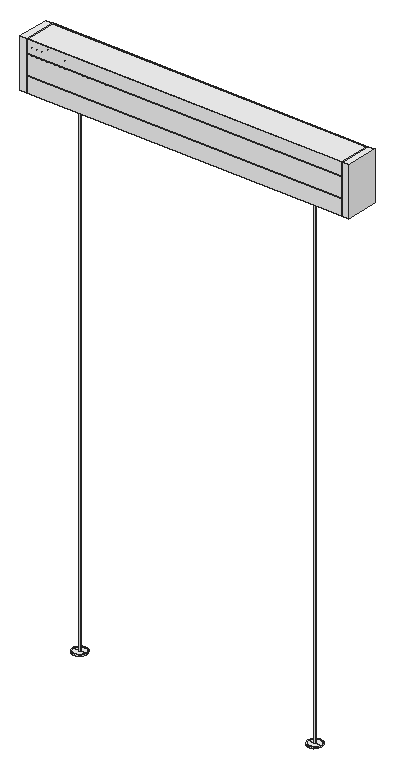
Revit family "2.3 inch  MAGIC WALL WASH LINEAR LIGHT", category Lighting Fixtures, host Face, Revit 2020 (continued)
Types (17): name | Wattage Comments | Wattage | Wall Mount | Suspenders Distance | Surface Mount | Recessed Mount | Photometric Web File | Pendent Mount | Order number | built-in parameter 1150142 | Model | built-in parameter 1150105 | Lumens | Light Source Height | Light Source Distance | built-in parameter 1150106 | Fixture Length
        3.23     3.25     3.28     3.31     \r\n 3.33     3.36     3.39     3.42     3.44     3.47     3.50     3.53     3.54     3.55     \r\n 3.57     3.58     3.60     3.61     3.63     3.65     3.66     3.68     3.70     3.71     \r\n 3.73     3.74     3.76     3.77     3.79     3.81     3.82     3.84     3.85     3.87     \r\n 3.88     3.90     3.91     3.93     3.94     3.96     3.97     3.99     4.00     4.01     \r\n 4.26     \r\n1793.11  1796.61  1800.05  1803.42  1806.72  1809.95  1813.08  1815.98  1818.87  1821.74  \r\n 1824.60  1827.44  1830.20  1832.79  1835.36  1837.93  1840.49  1843.04  1845.36  1847.33  \r\n 1849.25  1851.14  1852.98  1854.78  1856.55  1858.30  1860.03  1861.74  1863.43  1865.11  \r\n 1866.66  1868.07  1868.40  1863.56  1858.69  1853.82  1848.73  1843.35  1837.94  1832.51  \r\n 1827.06  1821.58  1816.14  1810.85  1805.55  1800.24  1794.91  1789.57  1784.22  1778.71  \r\n 1773.15  1767.55  1761.90  1756.20  1750.46  1744.43  1738.19  1731.93  1725.65  1719.36  \r\n 1713.05  1706.71  1700.39  1694.03  1683.04  1671.31  1659.54  1647.72  1635.86  1623.97  \r\n 1612.05  1600.08  1588.07  1576.03  1563.94  1551.77  1539.23  1526.64  1513.99  1501.29  \r\n 1488.54  1475.73  1462.86  1449.86  1436.75  1423.59  1410.35  1397.05  1383.69  1370.26  \r\n 1356.77  1343.37  1329.94  1316.47  1301.11  1283.30  1265.42  1247.48  1229.48  1211.22  \r\n 1192.80  1174.32  1155.77  1137.17  1118.50  1099.77  1080.99  1062.14  1043.22  1024.25  \r\n 1005.24  986.18   967.08   947.95   928.77   909.55   890.30   871.00   851.57   832.00   \r\n 812.39   792.74   773.05   753.31   735.63   718.02   700.39   682.75   665.09   647.41   \r\n 629.68   611.92   594.14   576.36   558.56   540.76   522.94   505.11   487.27   469.43   \r\n 451.57   433.70   415.82   397.93   380.04   362.12   344.19   326.25   308.31   290.35   \r\n 272.39   254.43   238.97   230.46   221.96   213.45   204.95   196.45   187.95   179.46   \r\n 170.96   162.46   153.97   145.48   136.99   128.49   120.00   111.51   103.03   94.54    \r\n 86.05    77.56    69.08    60.59    52.11    43.62    35.14    26.65    18.17    9.68     \r\n 1.20     1.18     1.16     1.14     1.13     1.11     1.09     1.07     1.06     1.04     \r\n 1.02     1.00     0.99     0.97     0.95     0.94     0.92     0.90     0.89     0.87     \r\n 0.85     0.84     0.82     0.80     0.79     0.77     0.76     0.74     0.73     0.74     \r\n 0.76     0.78     0.80     0.83     0.85     0.87     0.89     0.92     0.94     0.96     \r\n 0.98     1.00     1.02     1.05     1.07     1.09     1.11     1.13     1.15     1.17     \r\n 1.19     1.22     1.24     1.26     1.28     1.31     1.33     1.35     1.37     1.40     \r\n 1.42     1.45     1.47     1.50     1.53     1.55     1.58     1.61     1.63     1.66     \r\n 1.69     1.72     1.74     1.77     1.80     1.83     1.85     1.88     1.91     1.94     \r\n 1.97     2.00     2.03     2.05     2.08     2.11     2.14     2.17     2.19     2.21     \r\n 2.23     2.26     2.28     2.30     2.33     2.35     2.37     2.40     2.42     2.45     \r\n 2.47     2.50     2.52     2.55     2.58     2.60     2.63     2.65     2.67     2.70     \r\n 2.72     2.75     2.77     2.80     2.82     2.85     2.88     2.90     2.92     2.94     \r\n 2.97     2.99     3.01     3.03     3.06     3.08     3.10     3.12     3.15     3.17     \r\n 3.19     3.22     3.24     3.26     3.29     3.31     3.34     3.37     3.39     3.41     \r\n 3.44     3.46     3.48     3.51     3.53     3.56     3.58     3.61     3.63     3.65     \r\n 3.66     3.67     3.68     3.70     3.71     3.72     3.73     3.75     3.76     3.77     \r\n 3.79     3.80     3.81     3.82     3.84     3.85     3.86     3.87     3.89     3.90     \r\n 3.91     3.92     3.94     3.95     3.96     3.97     3.98     3.99     4.00     4.01     \r\n 4.26     \r\n1793.11  1795.39  1797.61  1799.79  1801.91  1803.98  1805.99  1807.95  1809.82  1811.58  \r\n 1813.32  1815.05  1816.77  1818.48  1820.18  1821.86  1823.45  1824.95  1826.44  1827.93  \r\n 1829.40  1830.87  1832.32  1833.77  1834.89  1835.82  1836.72  1837.58  1838.42  1839.22  \r\n 1839.99  1840.72  1835.18  1829.58  1823.97  1818.34  1812.70  1807.03  1801.35  1795.64  \r\n 1789.82  1783.93  1778.02  1772.09  1766.16  1760.20  1754.23  1748.24  1742.11  1735.73  \r\n 1729.33  1722.91  1716.47  1710.01  1703.53  1697.03  1690.51  1684.18  1677.87  1671.55  \r\n 1665.22  1658.88  1651.11  1639.40  1627.63  1615.80  1603.72  1591.61  1579.48  1567.32  \r\n 1555.13  1542.92  1530.68  1518.42  1506.13  1493.69  1481.13  1468.55  1455.94  1443.31  \r\n 1430.65  1417.97  1405.26  1392.53  1379.77  1366.95  1354.09  1341.20  1328.27  1315.32  \r\n 1302.34  1289.32  1276.22  1259.09  1241.91  1224.67  1207.41  1190.08  1172.70  1155.26  \r\n 1137.76  1120.21  1102.60  1084.93  1067.21  1049.44  1031.61  1013.70  995.58   977.42   \r\n 959.22   940.98   922.71   904.40   886.06   867.68   849.27   830.82   812.34   793.83   \r\n 775.28   756.69   738.63   721.88   705.10   688.30   671.48   654.62   637.75   620.85   \r\n 603.93   586.98   570.01   553.02   536.01   518.97   501.92   484.84   467.74   450.63   \r\n 433.49   416.33   399.16   381.97   364.76   347.53   330.29   313.04   295.77   278.48   \r\n 261.18   244.07   235.71   227.35   218.99   210.62   202.26   193.89   185.51   177.14   \r\n 168.76   160.38   152.00   143.62   135.23   126.84   118.45   110.06   101.67   93.27    \r\n 84.88    76.48    68.08    59.69    51.29    42.89    34.49    26.08    17.68    9.28     \r\n 0.88     0.87     0.87     0.87     0.86     0.86     0.86     0.85     0.85     0.84     \r\n 0.84     0.84     0.83     0.83     0.82     0.82     0.82     0.81     0.81     0.81     \r\n 0.80     0.80     0.80     0.79     0.79     0.79     0.79     0.78     0.78     0.78     \r\n 0.80     0.83     0.85     0.87     0.90     0.92     0.94     0.97     0.99     1.01     \r\n 1.04     1.06     1.08     1.11     1.13     1.16     1.18     1.20     1.23     1.25     \r\n 1.28     1.30     1.33     1.35     1.38     1.40     1.43     1.45     1.48     1.51     \r\n 1.53     1.56     1.58     1.61     1.64     1.66     1.69     1.72     1.75     1.77     \r\n 1.80     1.83     1.86     1.89     1.91     1.94     1.97     2.00     2.03     2.06     \r\n 2.09     2.12     2.15     2.18     2.21     2.24     2.26     2.29     2.32     2.35     \r\n 2.37     2.39     2.42     2.44     2.46     2.49     2.51     2.54     2.56     2.58     \r\n 2.61     2.63     2.66     2.68     2.71     2.73     2.76     2.78     2.81     2.83     \r\n 2.86     2.88     2.91     2.93     2.96     2.99     3.01     3.04     3.07     3.09     \r\n 3.11     3.14     3.16     3.18     3.20     3.22     3.24     3.27     3.29     3.31     \r\n 3.33     3.35     3.37     3.39     3.42     3.44     3.46     3.48     3.50     3.53     \r\n 3.55     3.57     3.59     3.61     3.63     3.65     3.67     3.69     3.72     3.74     \r\n 3.75     3.76     3.77     3.78     3.79     3.80     3.81     3.82     3.83     3.83     \r\n 3.84     3.85     3.86     3.87     3.88     3.89     3.90     3.91     3.92     3.93     \r\n 3.94     3.95     3.96     3.97     3.98     3.98     3.99     4.00     4.01     4.02     \r\n 4.26     \r\n1793.11  1794.15  1795.15  1796.11  1797.04  1797.93  1798.79  1799.61  1800.39  1801.13  \r\n 1801.84  1802.51  1803.13  1803.72  1804.31  1804.89  1805.46  1806.02  1806.57  1807.11  \r\n 1807.65  1808.17  1808.68  1809.19  1809.61  1810.00  1810.39  1810.77  1811.14  1811.51  \r\n 1811.87  1808.56  1802.33  1796.08  1789.80  1783.49  1776.88  1770.24  1763.59  1756.95  \r\n 1750.30  1743.64  1736.99  1730.32  1723.66  1716.99  1710.32  1703.64  1696.94  1690.22  \r\n 1683.48  1676.73  1669.96  1663.18  1656.39  1649.58  1642.76  1635.93  1629.08  1622.21  \r\n 1615.33  1607.17  1595.04  1582.88  1570.68  1558.45  1546.19  1533.89  1521.56  1509.19  \r\n 1496.79  1484.35  1471.89  1459.38  1446.85  1434.21  1421.55  1408.89  1396.22  1383.53  \r\n 1370.83  1358.12  1345.40  1332.66  1319.92  1307.16  1294.39  1281.61  1268.81  1256.01  \r\n 1243.04  1229.56  1212.81  1196.04  1179.23  1162.41  1145.55  1128.67  1111.75  1094.82  \r\n 1077.85  1060.86  1043.85  1026.81  1009.74  992.65   975.53   958.39   941.21   924.00   \r\n 906.75   889.47   872.15   854.80   837.41   819.99   802.54   785.05   767.53   749.98   \r\n 732.40   715.22   699.39   683.53   667.66   651.76   635.84   619.90   603.94   587.96   \r\n 571.98   555.98   539.95   523.91   507.84   491.75   475.64   459.52   443.37   427.21   \r\n 411.03   394.83   378.61   362.38   346.13   329.87   313.59   297.30   280.99   264.67   \r\n 248.33   236.64   228.54   220.43   212.32   204.21   196.09   187.97   179.84   171.71   \r\n 163.58   155.45   147.32   139.18   131.04   122.90   114.75   106.61   98.46    90.31    \r\n 82.16    74.01    65.85    57.70    49.54    41.38    33.23    25.07    16.91    8.75     \r\n 0.59     0.60     0.61     0.62     0.63     0.63     0.64     0.65     0.66     0.67     \r\n 0.67     0.68     0.69     0.70     0.71     0.71     0.72     0.73     0.74     0.75     \r\n 0.76     0.76     0.77     0.78     0.79     0.80     0.81     0.82     0.83     0.84     \r\n 0.85     0.88     0.90     0.93     0.95     0.98     1.00     1.03     1.05     1.08     \r\n 1.10     1.13     1.16     1.18     1.21     1.23     1.26     1.28     1.31     1.34     \r\n 1.36     1.39     1.42     1.44     1.47     1.49     1.52     1.55     1.57     1.60     \r\n 1.63     1.66     1.69     1.72     1.75     1.78     1.81     1.84     1.87     1.90     \r\n 1.93     1.96     1.99     2.02     2.05     2.08     2.11     2.14     2.17     2.20     \r\n 2.23     2.26     2.29     2.32     2.35     2.38     2.41     2.44     2.48     2.51     \r\n 2.53     2.56     2.58     2.60     2.63     2.65     2.67     2.70     2.72     2.75     \r\n 2.77     2.80     2.82     2.85     2.87     2.90     2.92     2.95     2.97     3.00     \r\n 3.03     3.05     3.08     3.11     3.14     3.16     3.19     3.22     3.25     3.28     \r\n 3.30     3.31     3.33     3.34     3.36     3.37     3.39     3.41     3.42     3.44     \r\n 3.46     3.47     3.49     3.51     3.53     3.55     3.57     3.59     3.61     3.62     \r\n 3.64     3.66     3.68     3.70     3.72     3.74     3.76     3.78     3.80     3.82     \r\n 3.84     3.84     3.85     3.86     3.86     3.87     3.88     3.88     3.89     3.90     \r\n 3.90     3.91     3.92     3.92     3.93     3.94     3.94     3.95     3.96     3.96     \r\n 3.97     3.97     3.98     3.99     3.99     4.00     4.00     4.01     4.01     4.02     \r\n 4.26     \r\n1793.11  1792.90  1792.66  1792.41  1792.15  1791.86  1791.56  1791.23  1790.89  1790.53  \r\n 1790.15  1789.75  1789.33  1788.89  1788.44  1787.96  1787.46  1786.95  1786.42  1785.86  \r\n 1785.29  1784.70  1784.09  1783.45  1782.87  1782.30  1781.71  1781.12  1780.53  1779.93  \r\n 1779.33  1772.96  1765.87  1758.76  1751.63  1744.49  1737.33  1730.16  1722.97  1715.76  \r\n 1708.54  1701.30  1694.04  1686.77  1679.48  1672.17  1664.85  1657.51  1650.15  1642.76  \r\n 1635.36  1627.95  1620.53  1613.09  1605.64  1598.17  1590.69  1583.20  1575.69  1568.17  \r\n 1560.64  1549.11  1536.64  1524.15  1511.65  1499.14  1486.62  1474.09  1461.54  1448.98  \r\n 1436.41  1423.82  1411.22  1398.61  1385.98  1373.31  1360.62  1347.92  1335.20  1322.46  \r\n 1309.71  1296.94  1284.15  1271.35  1258.54  1245.71  1232.86  1219.99  1207.11  1194.22  \r\n 1181.31  1165.76  1149.46  1133.14  1116.81  1100.45  1084.08  1067.69  1051.28  1034.85  \r\n 1018.41  1001.95  985.47   968.97   952.46   935.93   919.39   902.84   886.28   869.71   \r\n 853.12   836.51   819.89   803.26   786.61   769.95   753.27   736.58   719.88   703.16   \r\n 686.43   671.22   656.34   641.45   626.55   611.63   596.70   581.76   566.80   551.82   \r\n 536.84   521.84   506.82   491.80   476.76   461.71   446.65   431.58   416.50   401.40   \r\n 386.30   371.19   356.06   340.93   325.78   310.63   295.47   280.30   265.12   249.94   \r\n 234.75   226.17   218.41   210.65   202.88   195.11   187.34   179.57   171.79   164.01   \r\n 156.23   148.45   140.67   132.88   125.10   117.31   109.52   101.73   93.94    86.15    \r\n 78.36    70.56    62.77    54.97    47.18    39.38    31.58    23.79    15.99    8.19     \r\n 0.39     0.41     0.43     0.44     0.46     0.48     0.49     0.51     0.53     0.54     \r\n 0.56     0.58     0.59     0.61     0.63     0.64     0.66     0.68     0.69     0.71     \r\n 0.73     0.74     0.76     0.78     0.79     0.81     0.83     0.84     0.86     0.88     \r\n 0.90     0.92     0.95     0.98     1.01     1.04     1.06     1.09     1.12     1.15     \r\n 1.17     1.20     1.23     1.26     1.29     1.31     1.34     1.37     1.40     1.43     \r\n 1.45     1.48     1.51     1.54     1.57     1.59     1.62     1.65     1.68     1.71     \r\n 1.73     1.77     1.80     1.83     1.86     1.89     1.92     1.95     1.98     2.02     \r\n 2.05     2.08     2.11     2.14     2.17     2.20     2.24     2.27     2.30     2.33     \r\n 2.37     2.40     2.43     2.46     2.49     2.53     2.56     2.59     2.62     2.66     \r\n 2.69     2.71     2.74     2.76     2.78     2.81     2.83     2.85     2.88     2.90     \r\n 2.93     2.95     2.97     3.00     3.02     3.04     3.07     3.09     3.12     3.14     \r\n 3.16     3.19     3.21     3.24     3.26     3.29     3.31     3.33     3.36     3.38     \r\n 3.41     3.42     3.44     3.46     3.47     3.49     3.51     3.53     3.54     3.56     \r\n 3.58     3.59     3.61     3.63     3.65     3.66     3.68     3.70     3.72     3.73     \r\n 3.75     3.77     3.79     3.80     3.82     3.84     3.86     3.87     3.89     3.91     \r\n 3.93     3.93     3.93     3.94     3.94     3.94     3.95     3.95     3.95     3.96     \r\n 3.96     3.96     3.97     3.97     3.97     3.98     3.98     3.98     3.99     3.99     \r\n 3.99     4.00     4.00     4.00     4.01     4.01     4.01     4.01     4.02     4.02     \r\n 4.26     \r\n1793.11  1791.65  1790.19  1788.73  1787.27  1785.80  1784.34  1782.88  1781.42  1779.96  \r\n 1778.50  1777.04  1775.58  1774.12  1772.66  1771.20  1769.74  1768.28  1766.81  1765.35  \r\n 1763.89  1762.43  1760.97  1759.51  1758.05  1756.59  1755.13  1753.67  1752.21  1750.75  \r\n 1749.28  1741.19  1733.09  1724.99  1716.89  1708.79  1700.69  1692.59  1684.49  1676.39  \r\n 1668.29  1660.19  1652.09  1643.99  1635.89  1627.80  1619.70  1611.60  1603.50  1595.40  \r\n 1587.30  1579.20  1571.10  1563.00  1554.90  1546.80  1538.70  1530.60  1522.50  1514.41  \r\n 1506.31  1493.32  1480.33  1467.34  1454.35  1441.36  1428.37  1415.39  1402.40  1389.41  \r\n 1376.42  1363.43  1350.44  1337.45  1324.47  1311.48  1298.49  1285.50  1272.51  1259.52  \r\n 1246.53  1233.55  1220.56  1207.57  1194.58  1181.59  1168.60  1155.61  1142.63  1129.64  \r\n 1116.65  1100.71  1084.77  1068.83  1052.89  1036.95  1021.01  1005.07  989.13   973.20   \r\n 957.26   941.32   925.38   909.44   893.50   877.56   861.62   845.68   829.74   813.80   \r\n 797.86   781.92   765.98   750.05   734.11   718.17   702.23   686.29   670.35   654.41   \r\n 638.47   624.57   610.68   596.78   582.88   568.99   555.09   541.19   527.30   513.40   \r\n 499.50   485.61   471.71   457.81   443.92   430.02   416.12   402.23   388.33   374.43   \r\n 360.54   346.64   332.74   318.85   304.95   291.05   277.16   263.26   249.36   235.47   \r\n 221.57   214.20   206.82   199.45   192.08   184.70   177.33   169.95   162.58   155.21   \r\n 147.83   140.46   133.08   125.71   118.34   110.96   103.59   96.22    88.84    81.47    \r\n 74.09    66.72    59.35    51.97    44.60    37.22    29.85    22.48    15.10    7.73     \r\n 0.35     0.37     0.39     0.41     0.43     0.45     0.47     0.49     0.51     0.53     \r\n 0.55     0.57     0.59     0.61     0.63     0.65     0.67     0.69     0.71     0.73     \r\n 0.75     0.77     0.79     0.81     0.83     0.85     0.87     0.89     0.91     0.93     \r\n 0.95     0.98     1.01     1.04     1.07     1.10     1.13     1.16     1.19     1.22     \r\n 1.25     1.28     1.31     1.34     1.37     1.40     1.43     1.46     1.49     1.52     \r\n
